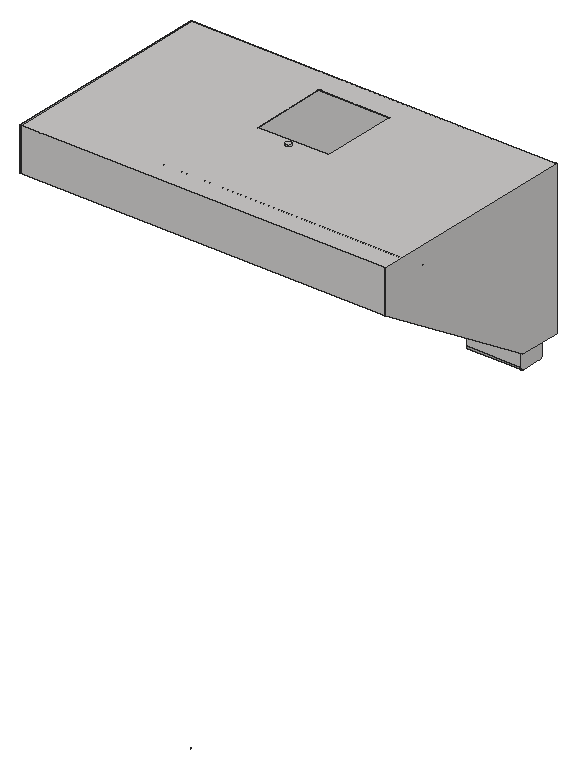
Revit family "QF_ZANUSSI_644178_AMPV712BT", category Specialty Equipment, Revit 2023
Family settings
  Round Connector Dimension = Use Diameter
  Part Type = Normal
  Work Plane-Based = No
  Enable Cutting in Views = No
  Always vertical = Yes
  Cut with Voids When Loaded = No
  Maintain Annotation Orientation = No
  Shared = No
  Room Calculation Point = No
Parameters
  Weight = 36.00 kg
  Watts = 0 W
  Volts = 220 V
  URL Manufacturer = "http://www.zanussiprofessional.com"
  URL = "http://www.zanussiprofessional.com"
  Phase = 1
  Model = "AMPV712BT"
  Manufacturer = "Zanussi"
  Length Actual = 1200 mm
  Item Number = "644178"
  Height Actual = 500 mm
  HP = "0.4 HP"
  Gas KW = 0
  Description = "430 S/S WALL HOOD+FILTERS+FAN 1200X700MM"
  Depth Actual = 700 mm
  Default Elevation = 0 mm
  Cycle = 50 Hz
  Accessory = no
Reference planes
  plane 1: z = 0
  plane 2 "Center (Left/Right)": x = 150
  plane 3 "LEFT": x = -450
  plane 4 "RIGHT": x = 750
  plane 5 "BACK": y = 550
  plane 6 "Plane": z = 2000
  plane 7 "TOP": z = 2140
  plane 8 "Base": z = 1640
  plane 9: z = 1566
  plane 10 "DrainY": y = 485
  plane 11: x = -447
  plane 12: through (0, 414.509, 1640.8) normal (0, 0.7314, 0.682)
  plane 13: y = 470
  plane 14: y = 220
  plane 15 "DrainX": x = 630
  plane 16: x = 33.5
  plane 17: x = 266.5
  plane 18: x = 747
  plane 19: x = 540
  plane 20: x = -410
  plane 21: x = 710
  plane 22: x = -47.5
  plane 23: x = 347.5
  plane 24 "Center (Front/Back)": y = 200
  plane 25 "Front": y = -150
Forms (mm)
  Extrusion 1, solid, material "QF_Finishes_Stainless Steel"
    sketch origin (-450, 0, 0) x (0, 1, 0) y (0, 0, 1)
      loop
        line (550, 1640) -> (550, 2140) -> (-150, 2140) -> (-150, 1999.112) -> (413.973, 1640) -> (550, 1640)
    from 0 to 3
  Extrusion 2, solid, material "QF_Finishes_Stainless Steel"
    sketch origin (150, 0, 0) x (0, 1, 0) y (0, 0, 1)
      loop
        line (415.255, 1640) -> (550, 1640) -> (550, 2139.19) -> (549.2, 2139.19) -> (549.2, 1640.8) -> (415.876, 1640.8) -> (339.347, 1722.867) -> (349.609, 1732.436) -> (348.927, 1733.167) -> (337.934, 1722.917) -> (415.255, 1640)
      loop
        line (-82.203, 2139.19) -> (-82.203, 2118.6) -> (-31.047, 2118.6) -> (34.354, 2048.466) -> (46.028, 2059.352) -> (45.346, 2060.083) -> (34.403, 2049.879) -> (-30.612, 2119.6) -> (-81.203, 2119.6) -> (-81.203, 2139.19) -> (-82.203, 2139.19)
    from -597 to 597
  Extrusion 3, solid, material "QF_Finishes_Stainless Steel"
    sketch origin (750, 0, 0) x (0, 1, 0) y (0, 0, 1)
      loop
        line (550, 1640) -> (550, 2140) -> (-150, 2140) -> (-150, 1999.112) -> (413.973, 1640) -> (550, 1640)
    from 0 to -3
  Extrusion 4, solid, material "QF_Finishes_Stainless Steel"
    sketch origin (150, 0, 0) x (0, 1, 0) y (0, 0, 1)
      loop
        line (-150, 2140) -> (-150, 2000) -> (-149.2, 2000) -> (-149.2, 2139.19) -> (550, 2139.19) -> (550, 2140) -> (-150, 2140)
    from -600 to 600
  Extrusion 5, solid, material "QF_Finishes_Stainless Steel"
    sketch origin (150, 0, 0) x (0, 1, 0) y (0, 0, 1)
      loop
        line (534, 1640) -> (436, 1640) -> (436, 1627) -> (443.5, 1627) -> (443.5, 1576)
        arc (443.5, 1576) -> (446.429, 1568.929) -> (453.5, 1566) r 10
        line (453.5, 1566) -> (516.5, 1566)
        arc (516.5, 1566) -> (523.571, 1568.929) -> (526.5, 1576) r 10
        line (526.5, 1576) -> (526.5, 1627) -> (534, 1627) -> (534, 1640)
    from 390 to 570
  Extrusion 6, solid, material "QF_Finishes_Stainless Steel"
    sketch origin (0, 0, 1640) x (0, 1, 0) y (-1, 0, 0)
      loop
        circle (485, -630) r 20
    from -76 to -74
  Extrusion 7, solid, material "QF_Finished_Chrome"
    sketch origin (150, 0, 0) x (0, 1, 0) y (0, 0, 1)
      loop
        line (337.934, 1722.917) -> (341.591, 1726.327) -> (38.011, 2051.876) -> (34.354, 2048.466) -> (337.934, 1722.917)
    from -197.5 to -560
  Extrusion 8, solid, material "QF_Finishes_Stainless Steel"
    sketch origin (150, 0, 0) x (0, 1, 0) y (0, 0, 1)
      loop
        line (337.934, 1722.917) -> (341.591, 1726.327) -> (38.011, 2051.876) -> (34.354, 2048.466) -> (337.934, 1722.917)
    from 597 to 560
  Extrusion 9, solid, material "QF_Finished_Chrome"
    sketch origin (150, 0, 0) x (0, 1, 0) y (0, 0, 1)
      loop
        line (341.588, 1726.324) -> (38.009, 2051.874) -> (34.354, 2048.466) -> (337.934, 1722.917) -> (341.588, 1726.324)
    from 197.5 to 560
  Extrusion 10, void
    sketch origin (0, 0, 2140) x (0, 1, 0) y (-1, 0, 0)
      loop
        line (470, -266.5) -> (470, -33.5) -> (220, -33.5) -> (220, -266.5) -> (470, -266.5)
    from 0 to -10
  Extrusion 11, solid, material "QF_Finishes_Stainless Steel"
    sketch origin (0, 0, 0) x (1, 0, 0) y (0, 1, 0)
      loop
        line (-450, 550) -> (-450, 549) -> (-449, 549) -> (-449, 550) -> (-450, 550)
    from 0 to 1
  Extrusion 12, solid, material "QF_Finishes_Stainless Steel"
    sketch origin (150, 0, 0) x (0, 1, 0) y (0, 0, 1)
      loop
        line (337.934, 1722.917) -> (341.591, 1726.327) -> (38.011, 2051.876) -> (34.354, 2048.466) -> (337.934, 1722.917)
    from -560 to -597
  Extrusion 13, solid, material "QF_Finishes_Stainless Steel"
    sketch origin (150, 0, 0) x (0, 1, 0) y (0, 0, 1)
      loop
        line (337.934, 1722.917) -> (341.591, 1726.327) -> (38.011, 2051.876) -> (34.354, 2048.466) -> (337.934, 1722.917)
    from 197.5 to -197.5
  Extrusion 14, solid, material "QF_Finishes_Stainless Steel"
    sketch origin (0, 0, 2140) x (0, 1, 0) y (-1, 0, 0)
      loop
        circle (200, -150) r 10
    from 0 to 2
Cuts and joins
  Extrusion 10 cuts Extrusion 4
  joined: Extrusion 2, Extrusion 4
Lines and regions (mm)
  reference lines
    curve 1: line (150, 34.354, 2048.466) -> (150, 34.354, 1888.466)
  symbolic lines, style "SpecialityEquipment", detail levels coarse
    curve 2: line (750, 550, 2140) -> (-450, 550, 2140)
    curve 3: line (-450, 550, 2140) -> (-450, -150, 2140)
    curve 4: line (750, -150, 2140) -> (750, 550, 2140)
    curve 5: line (-450, -150, 2140) -> (750, -150, 2140)
    curve 6: line (266.5, 220, 2140) -> (33.5, 220, 2140)
    curve 7: line (266.5, 470, 2140) -> (266.5, 220, 2140)
    curve 8: line (33.5, 470, 2140) -> (266.5, 470, 2140)
    curve 9: line (33.5, 220, 2140) -> (33.5, 470, 2140)
  symbolic lines, detail levels coarse
    curve 10: line (-450, -150, 2140) -> (750, 550, 2140)
    curve 11: line (-450, 550, 2140) -> (750, -150, 2140)
Dimensions and locks
  plane 3 "LEFT" to plane 4 "RIGHT" = 1200 mm
  equal spacing: plane 3 "LEFT", plane 2 "Center (Left/Right)", plane 4 "RIGHT"
  locked: plane 6 "Plane" to level at 2000
  plane 7 "TOP" to plane 6 "Plane" = 140 mm
  locked: plane 7 "TOP" to plane 8 "Base" at 500
  plane 8 "Base" to plane 9 = 74 mm
  plane 5 "BACK" to plane 10 "DrainY" = 65 mm  (x2)
  plane 3 "LEFT" to plane 11 = 3 mm
  plane 5 "BACK" to plane 13 = 80 mm
  plane 13 to plane 14 = 250 mm  (x2)
  plane 15 "DrainX" to plane 4 "RIGHT" = 120 mm
  plane 18 to plane 4 "RIGHT" = 3 mm
  locked: plane 19 to plane 15 "DrainX" at 90
  plane 13 to plane 5 "BACK" = 80 mm
  locked: plane 3 "LEFT" to plane 20 at 40
  locked: plane 21 to plane 4 "RIGHT" at 40
  locked: plane 22 to plane 23 at 395
  equal spacing: plane 22, plane 2 "Center (Left/Right)", plane 23
  locked: plane 16 to plane 17 at 233
  equal spacing: plane 16, plane 2 "Center (Left/Right)", plane 17
  locked: plane 5 "BACK" to plane 25 "Front" at 700
  equal spacing: plane 5 "BACK", plane 24 "Center (Front/Back)", plane 25 "Front"
  plane 5 "BACK" to plane 25 "Front" = 700 mm
  aligned and locked: level to plane 1
  aligned and locked: Extrusion 2 to Extrusion 1
  aligned and locked: Extrusion 2 to Extrusion 3
  aligned and locked: plane 4 "RIGHT" to Extrusion 4
  aligned and locked: Extrusion 4 to plane 3 "LEFT"
  aligned and locked: plane 18 to Extrusion 8
  aligned and locked: Extrusion 10 to plane 16
  aligned and locked: Extrusion 10 to plane 14
  aligned and locked: Extrusion 10 to plane 13
  aligned and locked: Extrusion 2 to Extrusion 4
  aligned and locked: Extrusion 5 to plane 19
  aligned and locked: Extrusion 8 to plane 21
  aligned and locked: Extrusion 9 to plane 21
  aligned and locked: Extrusion 7 to plane 20
  aligned and locked: Extrusion 12 to plane 11
  aligned and locked: plane 20 to Extrusion 12
  aligned and locked: Extrusion 3 to plane 18
  aligned and locked: Extrusion 10 to plane 17
  aligned and locked: plane 17 to curve 7
  aligned and locked: plane 23 to Extrusion 13
  aligned and locked: Extrusion 13 to plane 22
  aligned and locked: Extrusion 9 to plane 23
Automatic sketch dimensions
  Extrusion 2 sketch curve to plane 12 = 0 mm  (x3)
  Extrusion 2 sketch curve to plane 8 "Base" = 0 mm
  plane 12 to Extrusion 2 sketch curve = 0 mm
  Extrusion 2 sketch curve to plane 5 "BACK" = 0 mm
  Extrusion 2 sketch curve to Extrusion 2 sketch curve = 65.646 mm
  Extrusion 2 sketch curve to Extrusion 2 sketch curve = 0.682 mm  (x2)
  Extrusion 2 sketch curve to Extrusion 2 sketch curve = 10.261 mm
  plane 8 "Base" to Extrusion 2 sketch curve = 82.917 mm
  Extrusion 2 sketch curve to Extrusion 2 sketch curve = 10.942 mm
  Extrusion 2 sketch curve to Extrusion 2 sketch curve = 0.049 mm
  Extrusion 2 sketch curve to plane 7 "TOP" = 20.4 mm
  Extrusion 2 sketch curve to plane 7 "TOP" = 21.4 mm
  Extrusion 2 sketch curve to plane 7 "TOP" = 0.81 mm  (x2)
  Extrusion 2 sketch curve to Extrusion 2 sketch curve = 50.156 mm
  Extrusion 2 sketch curve to Extrusion 2 sketch curve = 1 mm
  plane 8 "Base" to Extrusion 2 sketch curve = 0.8 mm
  Extrusion 2 sketch curve to plane 5 "BACK" = 0.8 mm
  Extrusion 3 sketch curve to plane 8 "Base" = 0 mm
  Extrusion 3 sketch curve to plane 5 "BACK" = 0 mm
  Extrusion 3 sketch curve to plane 7 "TOP" = 0 mm
  plane 13 to Extrusion 3 sketch curve = 56.027 mm
  Extrusion 3 sketch curve to plane 6 "Plane" = 0.888 mm
  Extrusion 4 sketch curve to plane 6 "Plane" = 0 mm
  Extrusion 4 sketch curve to plane 5 "BACK" = 0 mm
  Extrusion 4 sketch curve to plane 7 "TOP" = 0 mm
  Extrusion 4 sketch curve to plane 7 "TOP" = 0.81 mm
  curve 1 to plane 12 = 0 mm
  curve 1 to plane 6 "Plane" = 111.534 mm
  Extrusion 5 sketch curve to plane 8 "Base" = 0 mm
  Extrusion 5 sketch curve to plane 9 = 0 mm
  Extrusion 5 sketch curve to plane 8 "Base" = 13 mm  (x2)
  plane 13 to Extrusion 5 sketch curve = 34 mm
  Extrusion 5 sketch curve to Extrusion 5 sketch curve = 7.5 mm  (x2)
  Extrusion 5 sketch curve to Extrusion 5 sketch curve = 10 mm
  plane 10 "DrainY" to Extrusion 5 sketch curve = 31.5 mm
  Extrusion 5 sketch curve to plane 5 "BACK" = 23.5 mm
  Extrusion 6 sketch curve to plane 10 "DrainY" = 0 mm
  Extrusion 6 sketch curve to plane 15 "DrainX" = 0 mm
  Extrusion 7 sketch curve to plane 12 = 0 mm  (x2)
  Extrusion 7 sketch curve to Extrusion 7 sketch curve = 3.657 mm
  plane 8 "Base" to Extrusion 7 sketch curve = 82.917 mm
  Extrusion 8 sketch curve to plane 12 = 0 mm  (x2)
  Extrusion 8 sketch curve to Extrusion 8 sketch curve = 3.657 mm
  plane 8 "Base" to Extrusion 8 sketch curve = 82.917 mm
  Extrusion 9 sketch curve to plane 12 = 0 mm  (x2)
  Extrusion 9 sketch curve to Extrusion 9 sketch curve = 3.655 mm
  plane 8 "Base" to Extrusion 9 sketch curve = 82.917 mm
  Extrusion 10 sketch curve to plane 14 = 0 mm
  plane 13 to Extrusion 10 sketch curve = 0 mm
  Extrusion 10 sketch curve to plane 17 = 0 mm
  Extrusion 10 sketch curve to plane 16 = 0 mm
  Extrusion 11 sketch curve to plane 3 "LEFT" = 0 mm
  Extrusion 11 sketch curve to plane 5 "BACK" = 0 mm
  plane 3 "LEFT" to Extrusion 11 sketch curve = 1 mm
  Extrusion 11 sketch curve to Extrusion 11 sketch curve = 1 mm
  Extrusion 12 sketch curve to plane 12 = 0 mm  (x2)
  Extrusion 12 sketch curve to Extrusion 12 sketch curve = 3.657 mm
  plane 8 "Base" to Extrusion 12 sketch curve = 82.917 mm
  Extrusion 13 sketch curve to plane 12 = 0 mm  (x2)
  Extrusion 13 sketch curve to Extrusion 13 sketch curve = 3.657 mm
  plane 8 "Base" to Extrusion 13 sketch curve = 82.917 mm
  Extrusion 4 sketch curve to Extrusion 4 sketch curve = 0.8 mm
  plane 6 "Plane" to Extrusion 2 sketch curve = 48.466 mm
  Extrusion 3 sketch curve to plane 14 = 370 mm
  Extrusion 4 sketch curve to plane 14 = 369.2 mm
  curve 1 to plane 14 = 185.646 mm
  plane 6 "Plane" to Extrusion 7 sketch curve = 51.876 mm
  plane 6 "Plane" to Extrusion 8 sketch curve = 51.876 mm
  plane 6 "Plane" to Extrusion 9 sketch curve = 51.874 mm
  plane 6 "Plane" to Extrusion 12 sketch curve = 51.876 mm
  plane 6 "Plane" to Extrusion 13 sketch curve = 51.876 mm
  Extrusion 1 sketch curve to plane 25 "Front" = 0 mm
  Extrusion 1 sketch curve to plane 8 "Base" = 0 mm
  Extrusion 1 sketch curve to plane 5 "BACK" = 0 mm
  Extrusion 1 sketch curve to plane 7 "TOP" = 0 mm
  plane 13 to Extrusion 1 sketch curve = 56.027 mm
  Extrusion 1 sketch curve to plane 6 "Plane" = 0.888 mm
  Extrusion 14 sketch curve to plane 2 "Center (Left/Right)" = 0 mm
  Extrusion 14 sketch curve to plane 24 "Center (Front/Back)" = 0 mm
  curve 10 to plane 3 "LEFT" = 0 mm
  curve 10 to plane 25 "Front" = 0 mm
  curve 7 to plane 14 = 0 mm
  plane 13 to curve 7 = 0 mm
  curve 3 to plane 5 "BACK" = 0 mm
  curve 2 to plane 4 "RIGHT" = 0 mm
  curve 6 to plane 16 = 0 mm
  radius of Extrusion 6 sketch curve = 20 mm
  radius of Extrusion 14 sketch curve = 10 mm
Connectors
  piping at (630, 485, 1564), diameter 20
    settings: on Extrusion 6, index 1, connector inside diameter 609.6 mm, connector length 0 mm, flow factor 0, pipe flow 0.0 L/s, pressure drop 0.0 Pa, fitting loss kfactor 0, connector angle 0.00°, fixture units 0, engagement length 0 mm, angle of deflection 0.00°, flow configuration 1, flow direction 2, fitting loss method 0, system type 16, joint type 0, gender type 0, connector reference index -1, connector utility 0, adjustable connector no, is connector primary yes, connector description "Drain"
  hvac at (150, 345, 2140)
    settings: on Extrusion 10, index 2, duct flow 0.0 L/s, flow factor 0, pres drop 0.0 Pa, loss coef 0, conn angle 0.00°, conn width 250 mm, conn height 233 mm, conn diameter 609.6 mm, duct sys type 3, conn prof type 1, flow config 0, flow direction 2, loss method 0, conn ref index -1, conn util no, is conn primary yes, conn desc "EXHAUST OUTLET"
  electrical at (150, 200, 2142)
    settings: on Extrusion 14, index 3, voltage 0 V, apparent load 0 VA, apparent load phase1 0 VA, apparent load phase2 0 VA, apparent load phase3 0 VA, power factor 1, load classification "Other", number of poles 1, system type 30, power factor state 1, is connector primary yes, connector utility no, sub classification motor no, connector description "Electrical Connection"
